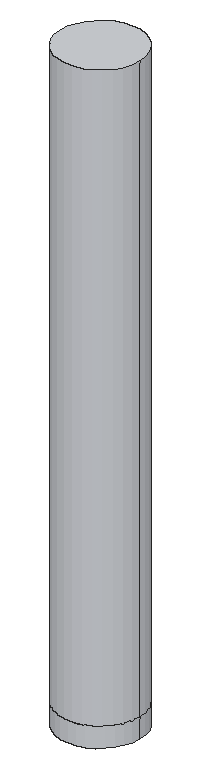
Revit family "d4305a2348244a85a33ef804bf492a76", category Sprinklers, host Face, Revit 2021
Family settings
  Host = Face
  Maintain Annotation Orientation = Yes
  Round Connector Dimension = Use Radius
  Part Type = Normal
  OmniClass Number = 23.65.70.17.11.24
  OmniClass Title = Fire Fighting Sprinkler Heads
  Seek Item ID = Sprinkler - Dry - Horizontal Sidewall - Hosted-0000-USA-ENU
  Cut with Voids When Loaded = No
  Shared = No
  Room Calculation Point = No
Parameters (values of type "1/2" Dry Horizontal Sidewall")
  Temperature Rating = 135 °F
  Response = Standard
  Pressure Drop [instance] = 7.00 psi
  Pressure Class = Standard
  Orifice Size = 1/2"
  Orifice = Standard
  K-Factor = 5.6
  Flow [instance] = 30 GPM
  Escutcheon Diameter = Nominal Diameter  # 1/2"
  Coverage = Standard
  Nominal Diameter = Nominal Radius * 2  # 1/2"
  Nominal Radius = 1/4"
  Escutcheon Radius = 0.5 * Escutcheon Diameter  # 1/4"
  Protrusion = Overall Length - CEL  # 3 13/16"
  Overall Length = 4 1/16"
  Escutcheon Thickness = 1/8"
  Default Elevation = 8' - 0"
  CEL = 1/4"
  Assembly Code = ""
Reference planes (in)
  plane 1 "Center (Front/Back)": y = 0
  plane 2: z = 0
  plane 3 "Center (Left/Right)": x = 0
  plane 4: z = -0.25
  plane 5: z = 0.125
  plane 6: z = 3.8125
  plane 7: z = 0
Forms (in)
  Extrusion 1, solid
    sketch origin (0, 0, 0) x (1, 0, 0) y (0, 1, 0)
      loop
        circle (0, 0) r 0.25
    from 0 to 3.8125
  Extrusion 2, solid
    sketch origin (0, 0, 0) x (1, 0, 0) y (0, 1, 0)
      loop
        circle (0, 0) r 0.25
    from 0 to 0.125
Cuts and joins
  joined: Extrusion 1, Extrusion 2
Dimensions and locks (in)
  "Escutcheon Thickness": plane 5 to level
  "Protrusion": plane 6 to level
  "Overall Length": plane 6 to plane 4
  "CEL": plane 7 to plane 4
  "Nominal Radius": radius of Extrusion 1 sketch curve
  "Escutcheon Radius": radius of Extrusion 2 sketch curve
  aligned and locked: plane 2 to host face
  aligned and locked: level to host face
  aligned and locked: Extrusion 2 to level
  aligned and locked: plane 5 to Extrusion 2
  aligned and locked: plane 6 to Extrusion 1
  aligned and locked: Extrusion 1 to plane 7
Automatic sketch dimensions
  Extrusion 1 sketch curve to plane 1 "Center (Front/Back)" = 0' - 0"
  Extrusion 1 sketch curve to plane 3 "Center (Left/Right)" = 0' - 0"
  Extrusion 2 sketch curve to plane 1 "Center (Front/Back)" = 0' - 0"
  Extrusion 2 sketch curve to plane 3 "Center (Left/Right)" = 0' - 0"
  host sketch curve to host sketch curve = 8' - 0"  (x2)
Nested families (in)
  nested 1: "Sprinkler - Symbol - Horizontal Sidewall" at (0, 0, 0), type "Sprinkler - Symbol - Horizontal Sidewall"
Connectors (in)
  piping at (0, 0, 0), diameter 0.5, driven by "Flow", driven by "Nominal Radius", driven by "Pressure Drop"
    settings: on cut or joined group of Extrusion 1, Extrusion 2, index 1, connector inside diameter 1/2", connector length 0' - 0", flow factor 0, pipe flow 30 GPM, pressure drop 7.00 psi, fitting loss kfactor 0, connector angle 0.00°, fixture units 0, engagement length 0' - 0", angle of deflection 0.00°, flow configuration 1, flow direction 1, fitting loss method 4, system type 24, joint type 0, gender type 0, connector reference index -1, connector utility 0, adjustable connector no, is connector primary yes, connector description "In"
Definition of nested family "Sprinkler - Symbol - Horizontal Sidewall"
  Parameters
    Symbol Width = Symbol Depth  # 1/16"
    Symbol Half Width = 0.5 * Symbol Width  # 1/32"
    Symbol Depth = 1/16"
  Reference planes (in)
    plane 1: y = 0
    plane 2: x = 0
  Lines and regions (in)
    reference lines
      curve 1: line (-0.03125, 0, 0) -> (-0.03125, 0.0625, 0)
      curve 2: line (-0.03125, 0.0625, 0) -> (0.03125, 0.0625, 0)
      curve 3: line (0.03125, 0.0625, 0) -> (0.03125, 0, 0)
      curve 4: line (-0.03125, 0.0625, 0) -> (0, 0, 0)
      curve 5: line (0, 0, 0) -> (0.03125, 0.0625, 0)
    detail lines
      curve 6: line (-0.03125, 0.0625, 0) -> (0.03125, 0.0625, 0)
      curve 7: line (0.03125, 0.0625, 0) -> (0, 0, 0)
      curve 8: line (-0.03125, 0.0625, 0) -> (0, 0, 0)
  Dimensions and locks (in)
    equal spacing: curve 1, plane 2, curve 3
    "Symbol Depth": plane 1 to curve 2
    "Symbol Half Width": curve 1 to plane 2
    aligned and locked: plane 1 to curve 1
    aligned and locked: curve 6 to curve 2
    aligned and locked: curve 1 to curve 6
    aligned and locked: curve 6 to curve 3
    aligned and locked: curve 7 to curve 5
    aligned and locked: curve 2 to curve 7
    aligned and locked: plane 1 to curve 7
  Automatic sketch dimensions
    curve 5 to plane 1 = 0' - 0"
    curve 4 to plane 2 = 0' - 0"
    curve 3 to plane 1 = 0' - 0"
